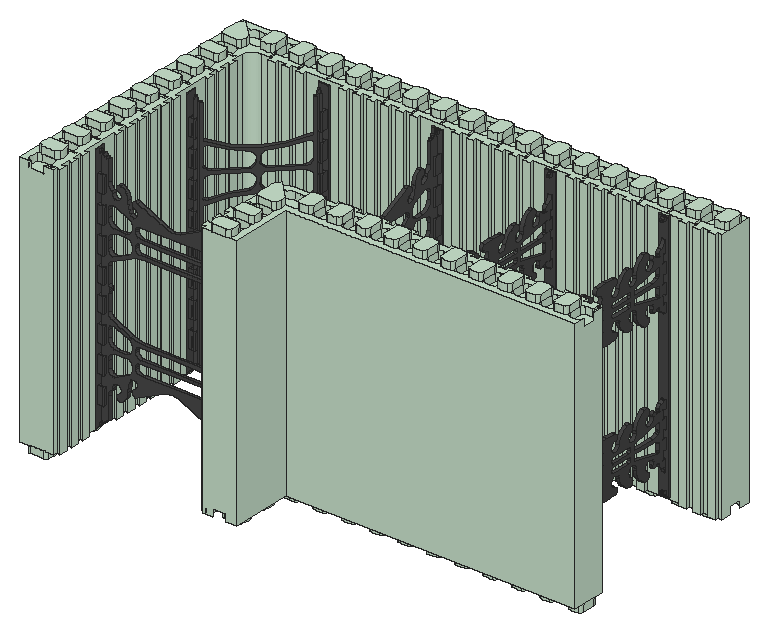
Revit family
Reference planes (in)
  plane 1 "Center (Front/Back)": y = 0
  plane 2: z = 0
  plane 3 "Center (Left/Right)": x = 0
  plane 4: y = -5
  plane 5: y = 5
  plane 6: x = 5
  plane 7: x = -5
  plane 8: x = 28
  plane 9: y = -12
  plane 10: z = 18
  plane 11: x = 7.625
  plane 12: x = -7.625
  plane 13: y = 7.625
Forms (in)
  Extrusion 1, solid, material "NUDURA Expanded Polystyrene Foam Insulation"
    sketch origin (0, 0, 0) x (1, 0, 0) y (0, 1, 0)
      loop
        line (-7.625, 7.625) -> (-7.625, -12) -> (-5.25, -12) -> (-5.25, -11.71883) -> (-5, -11.78117) -> (-5, -11.21883) -> (-5.25, -11.28117) -> (-5.25, -10.71883) -> (-5, -10.78117) -> (-5, -10.21883) -> (-5.25, -10.28117) -> (-5.25, -9.71883) -> (-5, -9.78117) -> (-5, -9.21883) -> (-5.25, -9.28117) -> (-5.25, -6.71883) -> (-5, -6.78117) -> (-5, -6.21883) -> (-5.25, -6.28117) -> (-5.25, -5.71883) -> (-5, -5.78117) -> (-5, -5.21883) -> (-5.25, -5.28117) -> (-5.25, -4.71883) -> (-5, -4.78117) -> (-5, -4.21883) -> (-5.25, -4.28117) -> (-5.25, -3.71883) -> (-5, -3.78117) -> (-5, -3.21883) -> (-5.25, -3.28117) -> (-5.25, -2.71883) -> (-5, -2.78117) -> (-5, -2.21883) -> (-5.25, -2.28117) -> (-5.25, -1.71883) -> (-5, -1.78117) -> (-5, -1.21883) -> (-5.25, -1.28117) -> (-5.25, 1.28117) -> (-5, 1.21883) -> (-5, 1.78117) -> (-5.25, 1.71883) -> (-5.25, 2.28117) -> (-5, 2.21883) -> (-5, 2.78117) -> (-5.25, 2.71883) -> (-5.25, 3.28117) -> (-5, 3.21883) -> (-5, 3.78117) -> (-5.25, 3.71883) -> (-5.25, 4.51944)
        arc (-5.25, 4.51944) -> (-5.02357, 5.03725) -> (-4.5, 5.25) r 0.75
        line (-4.5, 5.25) -> (-3.71883, 5.25) -> (-3.78117, 5) -> (-3.21883, 5) -> (-3.28117, 5.25) -> (-2.71883, 5.25) -> (-2.78117, 5) -> (-2.21883, 5) -> (-2.28117, 5.25) -> (-1.71883, 5.25) -> (-1.78117, 5) -> (-1.21883, 5) -> (-1.28117, 5.25) -> (1.28117, 5.25) -> (1.21883, 5) -> (1.78117, 5) -> (1.71883, 5.25) -> (2.28117, 5.25) -> (2.21883, 5) -> (2.78117, 5) -> (2.71883, 5.25) -> (3.28117, 5.25) -> (3.21883, 5) -> (3.78117, 5) -> (3.71883, 5.25) -> (4.28117, 5.25) -> (4.21883, 5) -> (4.78117, 5) -> (4.71883, 5.25) -> (5.28117, 5.25) -> (5.21883, 5) -> (5.78117, 5) -> (5.71883, 5.25) -> (6.28117, 5.25) -> (6.21883, 5) -> (6.78117, 5) -> (6.71883, 5.25) -> (9.28117, 5.25) -> (9.21883, 5) -> (9.78117, 5) -> (9.71883, 5.25) -> (10.28117, 5.25) -> (10.21883, 5) -> (10.78117, 5) -> (10.71883, 5.25) -> (11.28117, 5.25) -> (11.21883, 5) -> (11.78117, 5) -> (11.71883, 5.25) -> (12.28117, 5.25) -> (12.21883, 5) -> (12.78117, 5) -> (12.71883, 5.25) -> (13.28117, 5.25) -> (13.21883, 5) -> (13.78117, 5) -> (13.71883, 5.25) -> (14.28117, 5.25) -> (14.21883, 5) -> (14.78117, 5) -> (14.71883, 5.25) -> (17.28117, 5.25) -> (17.21883, 5) -> (17.78117, 5) -> (17.71883, 5.25) -> (18.28117, 5.25) -> (18.21883, 5) -> (18.78117, 5) -> (18.71883, 5.25) -> (19.28117, 5.25) -> (19.21883, 5) -> (19.78117, 5) -> (19.71883, 5.25) -> (20.28117, 5.25) -> (20.21883, 5) -> (20.78117, 5) -> (20.71883, 5.25) -> (21.28117, 5.25) -> (21.21883, 5) -> (21.78117, 5) -> (21.71883, 5.25) -> (22.28117, 5.25) -> (22.21883, 5) -> (22.78117, 5) -> (22.71883, 5.25) -> (25.28117, 5.25) -> (25.21883, 5) -> (25.78117, 5) -> (25.71883, 5.25) -> (26.28117, 5.25) -> (26.21883, 5) -> (26.78117, 5) -> (26.71883, 5.25) -> (27.28117, 5.25) -> (27.21883, 5) -> (27.78117, 5) -> (27.71883, 5.25) -> (28, 5.25) -> (28, 7.625) -> (-7.625, 7.625)
      loop
        line (7.625, -7.625) -> (28, -7.625) -> (28, -5.25) -> (27.71883, -5.25) -> (27.78117, -5) -> (27.21883, -5) -> (27.28117, -5.25) -> (26.71883, -5.25) -> (26.78117, -5) -> (26.21883, -5) -> (26.28117, -5.25) -> (25.71883, -5.25) -> (25.78117, -5) -> (25.21883, -5) -> (25.28117, -5.25) -> (22.71883, -5.25) -> (22.78117, -5) -> (22.21883, -5) -> (22.28117, -5.25) -> (21.71883, -5.25) -> (21.78117, -5) -> (21.21883, -5) -> (21.28117, -5.25) -> (20.71883, -5.25) -> (20.78117, -5) -> (20.21883, -5) -> (20.28117, -5.25) -> (19.71883, -5.25) -> (19.78117, -5) -> (19.21883, -5) -> (19.28117, -5.25) -> (18.71883, -5.25) -> (18.78117, -5) -> (18.21883, -5) -> (18.28117, -5.25) -> (17.71883, -5.25) -> (17.78117, -5) -> (17.21883, -5) -> (17.28117, -5.25) -> (14.71883, -5.25) -> (14.78117, -5) -> (14.21883, -5) -> (14.28117, -5.25) -> (13.71883, -5.25) -> (13.78117, -5) -> (13.21883, -5) -> (13.28117, -5.25) -> (12.71883, -5.25) -> (12.78117, -5) -> (12.21883, -5) -> (12.28117, -5.25) -> (11.71883, -5.25) -> (11.78117, -5) -> (11.21883, -5) -> (11.28117, -5.25) -> (10.71883, -5.25) -> (10.78117, -5) -> (10.21883, -5) -> (10.28117, -5.25) -> (9.71883, -5.25) -> (9.78117, -5) -> (9.21883, -5) -> (9.28117, -5.25) -> (6.5, -5.25)
        arc (6.5, -5.25) -> (5.61612, -5.61612) -> (5.25, -6.5) r 1.25
        line (5.25, -6.5) -> (5.25, -9.28117) -> (5, -9.21883) -> (5, -9.78117) -> (5.25, -9.71883) -> (5.25, -10.28117) -> (5, -10.21883) -> (5, -10.78117) -> (5.25, -10.71883) -> (5.25, -11.28117) -> (5, -11.21883) -> (5, -11.78117) -> (5.25, -11.71883) -> (5.25, -12) -> (7.625, -12) -> (7.625, -7.625)
    from 0 to 18
  Extrusion 2, solid, material "NUDURA Expanded Polystyrene Foam Insulation"
    sketch origin (2, -2, 0) x (1, 0, 0) y (0, 1, 0)
      loop
        arc (3.6875, -5.5) -> (3.70047, -5.66548) -> (3.73905, -5.82692) r 1.0625
        arc (3.73905, -5.82692) -> (3.82983, -5.95215) -> (3.97692, -6) r 0.25
        line (3.97692, -6) -> (4.89808, -6)
        arc (4.89808, -6) -> (5.04517, -5.95215) -> (5.13595, -5.82692) r 0.25
        arc (5.13595, -5.82692) -> (5.17453, -5.66548) -> (5.1875, -5.5) r 1.0625
        line (5.1875, -5.5) -> (5.1875, -5.1875) -> (3.98039, -3.98039)
        arc (3.98039, -3.98039) -> (3.76362, -4.30482) -> (3.6875, -4.6875) r 1
        line (3.6875, -4.6875) -> (3.6875, -5.5)
    from 18 to 18.5
  Extrusion 3, solid, material "NUDURA Expanded Polystyrene Foam Insulation"
    sketch origin (-2, 2, 0) x (1, 0, 0) y (0, 1, 0)
      loop
        arc (-3.97692, 3) -> (-3.82983, 3.04785) -> (-3.73905, 3.17308) r 0.25
        arc (-3.73905, 3.17308) -> (-3.70047, 3.33452) -> (-3.6875, 3.5) r 1.0625
        line (-3.6875, 3.5) -> (-3.6875, 3.6875) -> (-4.89461, 4.89461)
        arc (-4.89461, 4.89461) -> (-5.11138, 4.57018) -> (-5.1875, 4.1875) r 1
        line (-5.1875, 4.1875) -> (-5.1875, 3.5)
        arc (-5.1875, 3.5) -> (-5.17453, 3.33452) -> (-5.13595, 3.17308) r 1.0625
        arc (-5.13595, 3.17308) -> (-5.04517, 3.04785) -> (-4.89808, 3) r 0.25
        line (-4.89808, 3) -> (-3.97692, 3)
    from 18 to 18.5
  Extrusion 4, void
    sketch origin (-2, 2, 0) x (1, 0, 0) y (0, 1, 0)
      loop
        arc (-5.13595, -9.82692) -> (-5.04517, -9.95215) -> (-4.89808, -10) r 0.25
        line (-4.89808, -10) -> (-3.97692, -10)
        arc (-3.97692, -10) -> (-3.88568, -9.98276) -> (-3.80702, -9.9334) r 0.25
        arc (-3.80702, -9.9334) -> (-3.78736, -9.92106) -> (-3.76455, -9.91675) r 0.0625
        line (-3.76455, -9.91675) -> (-3.41845, -9.91675) -> (-3.41845, -9.74592) -> (-3.64005, -9.74592)
        arc (-3.64005, -9.74592) -> (-3.68771, -9.72385) -> (-3.70172, -9.67323) r 0.0625
        arc (-3.70172, -9.67323) -> (-3.69045, -9.42092) -> (-3.73905, -9.17308) r 1.0625
        arc (-3.73905, -9.17308) -> (-3.82983, -9.04785) -> (-3.97692, -9) r 0.25
        line (-3.97692, -9) -> (-4.89808, -9)
        arc (-4.89808, -9) -> (-5.04517, -9.04785) -> (-5.13595, -9.17308) r 0.25
        arc (-5.13595, -9.17308) -> (-5.1875, -9.5) -> (-5.13595, -9.82692) r 1.0625
    from 18 to 17.5
  Extrusion 5, void
    sketch origin (-2, 4, 0) x (1, 0, 0) y (0, 1, 0)
      loop
        arc (-5.13595, -9.82692) -> (-5.04517, -9.95215) -> (-4.89808, -10) r 0.25
        line (-4.89808, -10) -> (-3.97692, -10)
        arc (-3.97692, -10) -> (-3.88568, -9.98276) -> (-3.80702, -9.9334) r 0.25
        arc (-3.80702, -9.9334) -> (-3.78736, -9.92106) -> (-3.76455, -9.91675) r 0.0625
        line (-3.76455, -9.91675) -> (-3.41845, -9.91675) -> (-3.41845, -9.74592) -> (-3.64005, -9.74592)
        arc (-3.64005, -9.74592) -> (-3.68771, -9.72385) -> (-3.70172, -9.67323) r 0.0625
        arc (-3.70172, -9.67323) -> (-3.69045, -9.42092) -> (-3.73905, -9.17308) r 1.0625
        arc (-3.73905, -9.17308) -> (-3.82983, -9.04785) -> (-3.97692, -9) r 0.25
        line (-3.97692, -9) -> (-4.89808, -9)
        arc (-4.89808, -9) -> (-5.04517, -9.04785) -> (-5.13595, -9.17308) r 0.25
        arc (-5.13595, -9.17308) -> (-5.1875, -9.5) -> (-5.13595, -9.82692) r 1.0625
    from 18 to 17.5
  Extrusion 6, void
    sketch origin (-2, 6, 0) x (1, 0, 0) y (0, 1, 0)
      loop
        arc (-5.13595, -9.82692) -> (-5.04517, -9.95215) -> (-4.89808, -10) r 0.25
        line (-4.89808, -10) -> (-3.97692, -10)
        arc (-3.97692, -10) -> (-3.88568, -9.98276) -> (-3.80702, -9.9334) r 0.25
        arc (-3.80702, -9.9334) -> (-3.78736, -9.92106) -> (-3.76455, -9.91675) r 0.0625
        line (-3.76455, -9.91675) -> (-3.41845, -9.91675) -> (-3.41845, -9.74592) -> (-3.64005, -9.74592)
        arc (-3.64005, -9.74592) -> (-3.68771, -9.72385) -> (-3.70172, -9.67323) r 0.0625
        arc (-3.70172, -9.67323) -> (-3.69045, -9.42092) -> (-3.73905, -9.17308) r 1.0625
        arc (-3.73905, -9.17308) -> (-3.82983, -9.04785) -> (-3.97692, -9) r 0.25
        line (-3.97692, -9) -> (-4.89808, -9)
        arc (-4.89808, -9) -> (-5.04517, -9.04785) -> (-5.13595, -9.17308) r 0.25
        arc (-5.13595, -9.17308) -> (-5.1875, -9.5) -> (-5.13595, -9.82692) r 1.0625
    from 18 to 17.5
  Extrusion 7, void
    sketch origin (-2, 8, 0) x (1, 0, 0) y (0, 1, 0)
      loop
        arc (-5.13595, -9.82692) -> (-5.04517, -9.95215) -> (-4.89808, -10) r 0.25
        line (-4.89808, -10) -> (-3.97692, -10)
        arc (-3.97692, -10) -> (-3.88568, -9.98276) -> (-3.80702, -9.9334) r 0.25
        arc (-3.80702, -9.9334) -> (-3.78736, -9.92106) -> (-3.76455, -9.91675) r 0.0625
        line (-3.76455, -9.91675) -> (-3.41845, -9.91675) -> (-3.41845, -9.74592) -> (-3.64005, -9.74592)
        arc (-3.64005, -9.74592) -> (-3.68771, -9.72385) -> (-3.70172, -9.67323) r 0.0625
        arc (-3.70172, -9.67323) -> (-3.69045, -9.42092) -> (-3.73905, -9.17308) r 1.0625
        arc (-3.73905, -9.17308) -> (-3.82983, -9.04785) -> (-3.97692, -9) r 0.25
        line (-3.97692, -9) -> (-4.89808, -9)
        arc (-4.89808, -9) -> (-5.04517, -9.04785) -> (-5.13595, -9.17308) r 0.25
        arc (-5.13595, -9.17308) -> (-5.1875, -9.5) -> (-5.13595, -9.82692) r 1.0625
    from 18 to 17.5
  Extrusion 8, void
    sketch origin (-2, 10, 0) x (1, 0, 0) y (0, 1, 0)
      loop
        arc (-5.13595, -9.82692) -> (-5.04517, -9.95215) -> (-4.89808, -10) r 0.25
        line (-4.89808, -10) -> (-3.97692, -10)
        arc (-3.97692, -10) -> (-3.88568, -9.98276) -> (-3.80702, -9.9334) r 0.25
        arc (-3.80702, -9.9334) -> (-3.78736, -9.92106) -> (-3.76455, -9.91675) r 0.0625
        line (-3.76455, -9.91675) -> (-3.41845, -9.91675) -> (-3.41845, -9.74592) -> (-3.64005, -9.74592)
        arc (-3.64005, -9.74592) -> (-3.68771, -9.72385) -> (-3.70172, -9.67323) r 0.0625
        arc (-3.70172, -9.67323) -> (-3.69045, -9.42092) -> (-3.73905, -9.17308) r 1.0625
        arc (-3.73905, -9.17308) -> (-3.82983, -9.04785) -> (-3.97692, -9) r 0.25
        line (-3.97692, -9) -> (-4.89808, -9)
        arc (-4.89808, -9) -> (-5.04517, -9.04785) -> (-5.13595, -9.17308) r 0.25
        arc (-5.13595, -9.17308) -> (-5.1875, -9.5) -> (-5.13595, -9.82692) r 1.0625
    from 18 to 17.5
  Extrusion 9, void
    sketch origin (-2, 12, 0) x (1, 0, 0) y (0, 1, 0)
      loop
        arc (-5.13595, -9.82692) -> (-5.04517, -9.95215) -> (-4.89808, -10) r 0.25
        line (-4.89808, -10) -> (-3.97692, -10)
        arc (-3.97692, -10) -> (-3.88568, -9.98276) -> (-3.80702, -9.9334) r 0.25
        arc (-3.80702, -9.9334) -> (-3.78736, -9.92106) -> (-3.76455, -9.91675) r 0.0625
        line (-3.76455, -9.91675) -> (-3.41845, -9.91675) -> (-3.41845, -9.74592) -> (-3.64005, -9.74592)
        arc (-3.64005, -9.74592) -> (-3.68771, -9.72385) -> (-3.70172, -9.67323) r 0.0625
        arc (-3.70172, -9.67323) -> (-3.69045, -9.42092) -> (-3.73905, -9.17308) r 1.0625
        arc (-3.73905, -9.17308) -> (-3.82983, -9.04785) -> (-3.97692, -9) r 0.25
        line (-3.97692, -9) -> (-4.89808, -9)
        arc (-4.89808, -9) -> (-5.04517, -9.04785) -> (-5.13595, -9.17308) r 0.25
        arc (-5.13595, -9.17308) -> (-5.1875, -9.5) -> (-5.13595, -9.82692) r 1.0625
    from 18 to 17.5
  Extrusion 10, void
    sketch origin (-2, 14, 0) x (1, 0, 0) y (0, 1, 0)
      loop
        arc (-5.13595, -9.82692) -> (-5.04517, -9.95215) -> (-4.89808, -10) r 0.25
        line (-4.89808, -10) -> (-3.97692, -10)
        arc (-3.97692, -10) -> (-3.88568, -9.98276) -> (-3.80702, -9.9334) r 0.25
        arc (-3.80702, -9.9334) -> (-3.78736, -9.92106) -> (-3.76455, -9.91675) r 0.0625
        line (-3.76455, -9.91675) -> (-3.41845, -9.91675) -> (-3.41845, -9.74592) -> (-3.64005, -9.74592)
        arc (-3.64005, -9.74592) -> (-3.68771, -9.72385) -> (-3.70172, -9.67323) r 0.0625
        arc (-3.70172, -9.67323) -> (-3.69045, -9.42092) -> (-3.73905, -9.17308) r 1.0625
        arc (-3.73905, -9.17308) -> (-3.82983, -9.04785) -> (-3.97692, -9) r 0.25
        line (-3.97692, -9) -> (-4.89808, -9)
        arc (-4.89808, -9) -> (-5.04517, -9.04785) -> (-5.13595, -9.17308) r 0.25
        arc (-5.13595, -9.17308) -> (-5.1875, -9.5) -> (-5.13595, -9.82692) r 1.0625
    from 18 to 17.5
  Extrusion 11, void
    sketch origin (2, -2, 0) x (1, 0, 0) y (0, 1, 0)
      loop
        line (3.97692, -9) -> (4.89808, -9)
        arc (4.89808, -9) -> (5.04517, -8.95215) -> (5.13595, -8.82692) r 0.25
        arc (5.13595, -8.82692) -> (5.1875, -8.5) -> (5.13595, -8.17308) r 1.0625
        arc (5.13595, -8.17308) -> (5.04517, -8.04785) -> (4.89808, -8) r 0.25
        line (4.89808, -8) -> (3.97692, -8)
        arc (3.97692, -8) -> (3.88568, -8.01724) -> (3.80702, -8.0666) r 0.25
        arc (3.80702, -8.0666) -> (3.78736, -8.07894) -> (3.76455, -8.08325) r 0.0625
        line (3.76455, -8.08325) -> (3.41845, -8.08325) -> (3.41845, -8.25408) -> (3.64005, -8.25408)
        arc (3.64005, -8.25408) -> (3.68771, -8.27615) -> (3.70172, -8.32677) r 0.0625
        arc (3.70172, -8.32677) -> (3.69045, -8.57908) -> (3.73905, -8.82692) r 1.0625
        arc (3.73905, -8.82692) -> (3.82983, -8.95215) -> (3.97692, -9) r 0.25
    from 18 to 17.5
  Extrusion 12, void
    sketch origin (2, 0, 0) x (1, 0, 0) y (0, 1, 0)
      loop
        line (3.97692, -9) -> (4.89808, -9)
        arc (4.89808, -9) -> (5.04517, -8.95215) -> (5.13595, -8.82692) r 0.25
        arc (5.13595, -8.82692) -> (5.1875, -8.5) -> (5.13595, -8.17308) r 1.0625
        arc (5.13595, -8.17308) -> (5.04517, -8.04785) -> (4.89808, -8) r 0.25
        line (4.89808, -8) -> (3.97692, -8)
        arc (3.97692, -8) -> (3.88568, -8.01724) -> (3.80702, -8.0666) r 0.25
        arc (3.80702, -8.0666) -> (3.78736, -8.07894) -> (3.76455, -8.08325) r 0.0625
        line (3.76455, -8.08325) -> (3.41845, -8.08325) -> (3.41845, -8.25408) -> (3.64005, -8.25408)
        arc (3.64005, -8.25408) -> (3.68771, -8.27615) -> (3.70172, -8.32677) r 0.0625
        arc (3.70172, -8.32677) -> (3.69045, -8.57908) -> (3.73905, -8.82692) r 1.0625
        arc (3.73905, -8.82692) -> (3.82983, -8.95215) -> (3.97692, -9) r 0.25
    from 18 to 17.5
  Extrusion 13, void
    sketch origin (-2, 2, 0) x (1, 0, 0) y (0, 1, 0)
      loop
        arc (-4.1875, 5.1875) -> (-4.57018, 5.11138) -> (-4.89461, 4.89461) r 1
        line (-4.89461, 4.89461) -> (-3.6875, 3.6875) -> (-3.5, 3.6875)
        arc (-3.5, 3.6875) -> (-3.33452, 3.70047) -> (-3.17308, 3.73905) r 1.0625
        arc (-3.17308, 3.73905) -> (-3.04785, 3.82983) -> (-3, 3.97692) r 0.25
        line (-3, 3.97692) -> (-3, 4.89808)
        arc (-3, 4.89808) -> (-3.04785, 5.04517) -> (-3.17308, 5.13595) r 0.25
        arc (-3.17308, 5.13595) -> (-3.33452, 5.17453) -> (-3.5, 5.1875) r 1.0625
        line (-3.5, 5.1875) -> (-4.1875, 5.1875)
    from 18 to 17.5
  Extrusion 14, void
    sketch origin (2, -2, 0) x (1, 0, 0) y (0, 1, 0)
      loop
        arc (4.6875, -3.6875) -> (4.30482, -3.76362) -> (3.98039, -3.98039) r 1
        line (3.98039, -3.98039) -> (5.1875, -5.1875) -> (5.5, -5.1875)
        arc (5.5, -5.1875) -> (5.66548, -5.17453) -> (5.82692, -5.13595) r 1.0625
        arc (5.82692, -5.13595) -> (5.95215, -5.04517) -> (6, -4.89808) r 0.25
        line (6, -4.89808) -> (6, -3.97692)
        arc (6, -3.97692) -> (5.98276, -3.88568) -> (5.9334, -3.80702) r 0.25
        arc (5.9334, -3.80702) -> (5.92106, -3.78736) -> (5.91675, -3.76455) r 0.0625
        line (5.91675, -3.76455) -> (5.91675, -3.41845) -> (5.74592, -3.41845) -> (5.74592, -3.64005)
        arc (5.74592, -3.64005) -> (5.72385, -3.68771) -> (5.67323, -3.70172) r 0.0625
        arc (5.67323, -3.70172) -> (5.58691, -3.69106) -> (5.5, -3.6875) r 1.0625
        line (5.5, -3.6875) -> (4.6875, -3.6875)
    from 18 to 17.5
  Extrusion 15, void
    sketch origin (2, -2, 0) x (1, 0, 0) y (0, 1, 0)
      loop
        line (7, -3.97692) -> (7, -4.89808)
        arc (7, -4.89808) -> (7.04785, -5.04517) -> (7.17308, -5.13595) r 0.25
        arc (7.17308, -5.13595) -> (7.5, -5.1875) -> (7.82692, -5.13595) r 1.0625
        arc (7.82692, -5.13595) -> (7.95215, -5.04517) -> (8, -4.89808) r 0.25
        line (8, -4.89808) -> (8, -3.97692)
        arc (8, -3.97692) -> (7.98276, -3.88568) -> (7.9334, -3.80702) r 0.25
        arc (7.9334, -3.80702) -> (7.92106, -3.78736) -> (7.91675, -3.76455) r 0.0625
        line (7.91675, -3.76455) -> (7.91675, -3.41845) -> (7.74592, -3.41845) -> (7.74592, -3.64005)
        arc (7.74592, -3.64005) -> (7.72385, -3.68771) -> (7.67323, -3.70172) r 0.0625
        arc (7.67323, -3.70172) -> (7.42092, -3.69045) -> (7.17308, -3.73905) r 1.0625
        arc (7.17308, -3.73905) -> (7.04785, -3.82983) -> (7, -3.97692) r 0.25
    from 18 to 17.5
  Extrusion 16, void
    sketch origin (4, -2, 0) x (1, 0, 0) y (0, 1, 0)
      loop
        line (7, -3.97692) -> (7, -4.89808)
        arc (7, -4.89808) -> (7.04785, -5.04517) -> (7.17308, -5.13595) r 0.25
        arc (7.17308, -5.13595) -> (7.5, -5.1875) -> (7.82692, -5.13595) r 1.0625
        arc (7.82692, -5.13595) -> (7.95215, -5.04517) -> (8, -4.89808) r 0.25
        line (8, -4.89808) -> (8, -3.97692)
        arc (8, -3.97692) -> (7.98276, -3.88568) -> (7.9334, -3.80702) r 0.25
        arc (7.9334, -3.80702) -> (7.92106, -3.78736) -> (7.91675, -3.76455) r 0.0625
        line (7.91675, -3.76455) -> (7.91675, -3.41845) -> (7.74592, -3.41845) -> (7.74592, -3.64005)
        arc (7.74592, -3.64005) -> (7.72385, -3.68771) -> (7.67323, -3.70172) r 0.0625
        arc (7.67323, -3.70172) -> (7.42092, -3.69045) -> (7.17308, -3.73905) r 1.0625
        arc (7.17308, -3.73905) -> (7.04785, -3.82983) -> (7, -3.97692) r 0.25
    from 18 to 17.5
  Extrusion 17, void
    sketch origin (6, -2, 0) x (1, 0, 0) y (0, 1, 0)
      loop
        line (7, -3.97692) -> (7, -4.89808)
        arc (7, -4.89808) -> (7.04785, -5.04517) -> (7.17308, -5.13595) r 0.25
        arc (7.17308, -5.13595) -> (7.5, -5.1875) -> (7.82692, -5.13595) r 1.0625
        arc (7.82692, -5.13595) -> (7.95215, -5.04517) -> (8, -4.89808) r 0.25
        line (8, -4.89808) -> (8, -3.97692)
        arc (8, -3.97692) -> (7.98276, -3.88568) -> (7.9334, -3.80702) r 0.25
        arc (7.9334, -3.80702) -> (7.92106, -3.78736) -> (7.91675, -3.76455) r 0.0625
        line (7.91675, -3.76455) -> (7.91675, -3.41845) -> (7.74592, -3.41845) -> (7.74592, -3.64005)
        arc (7.74592, -3.64005) -> (7.72385, -3.68771) -> (7.67323, -3.70172) r 0.0625
        arc (7.67323, -3.70172) -> (7.42092, -3.69045) -> (7.17308, -3.73905) r 1.0625
        arc (7.17308, -3.73905) -> (7.04785, -3.82983) -> (7, -3.97692) r 0.25
    from 18 to 17.5
  Extrusion 18, void
    sketch origin (8, -2, 0) x (1, 0, 0) y (0, 1, 0)
      loop
        line (7, -3.97692) -> (7, -4.89808)
        arc (7, -4.89808) -> (7.04785, -5.04517) -> (7.17308, -5.13595) r 0.25
        arc (7.17308, -5.13595) -> (7.5, -5.1875) -> (7.82692, -5.13595) r 1.0625
        arc (7.82692, -5.13595) -> (7.95215, -5.04517) -> (8, -4.89808) r 0.25
        line (8, -4.89808) -> (8, -3.97692)
        arc (8, -3.97692) -> (7.98276, -3.88568) -> (7.9334, -3.80702) r 0.25
        arc (7.9334, -3.80702) -> (7.92106, -3.78736) -> (7.91675, -3.76455) r 0.0625
        line (7.91675, -3.76455) -> (7.91675, -3.41845) -> (7.74592, -3.41845) -> (7.74592, -3.64005)
        arc (7.74592, -3.64005) -> (7.72385, -3.68771) -> (7.67323, -3.70172) r 0.0625
        arc (7.67323, -3.70172) -> (7.42092, -3.69045) -> (7.17308, -3.73905) r 1.0625
        arc (7.17308, -3.73905) -> (7.04785, -3.82983) -> (7, -3.97692) r 0.25
    from 18 to 17.5
  Extrusion 19, void
    sketch origin (10, -2, 0) x (1, 0, 0) y (0, 1, 0)
      loop
        line (7, -3.97692) -> (7, -4.89808)
        arc (7, -4.89808) -> (7.04785, -5.04517) -> (7.17308, -5.13595) r 0.25
        arc (7.17308, -5.13595) -> (7.5, -5.1875) -> (7.82692, -5.13595) r 1.0625
        arc (7.82692, -5.13595) -> (7.95215, -5.04517) -> (8, -4.89808) r 0.25
        line (8, -4.89808) -> (8, -3.97692)
        arc (8, -3.97692) -> (7.98276, -3.88568) -> (7.9334, -3.80702) r 0.25
        arc (7.9334, -3.80702) -> (7.92106, -3.78736) -> (7.91675, -3.76455) r 0.0625
        line (7.91675, -3.76455) -> (7.91675, -3.41845) -> (7.74592, -3.41845) -> (7.74592, -3.64005)
        arc (7.74592, -3.64005) -> (7.72385, -3.68771) -> (7.67323, -3.70172) r 0.0625
        arc (7.67323, -3.70172) -> (7.42092, -3.69045) -> (7.17308, -3.73905) r 1.0625
        arc (7.17308, -3.73905) -> (7.04785, -3.82983) -> (7, -3.97692) r 0.25
    from 18 to 17.5
  Extrusion 20, void
    sketch origin (12, -2, 0) x (1, 0, 0) y (0, 1, 0)
      loop
        line (7, -3.97692) -> (7, -4.89808)
        arc (7, -4.89808) -> (7.04785, -5.04517) -> (7.17308, -5.13595) r 0.25
        arc (7.17308, -5.13595) -> (7.5, -5.1875) -> (7.82692, -5.13595) r 1.0625
        arc (7.82692, -5.13595) -> (7.95215, -5.04517) -> (8, -4.89808) r 0.25
        line (8, -4.89808) -> (8, -3.97692)
        arc (8, -3.97692) -> (7.98276, -3.88568) -> (7.9334, -3.80702) r 0.25
        arc (7.9334, -3.80702) -> (7.92106, -3.78736) -> (7.91675, -3.76455) r 0.0625
        line (7.91675, -3.76455) -> (7.91675, -3.41845) -> (7.74592, -3.41845) -> (7.74592, -3.64005)
        arc (7.74592, -3.64005) -> (7.72385, -3.68771) -> (7.67323, -3.70172) r 0.0625
        arc (7.67323, -3.70172) -> (7.42092, -3.69045) -> (7.17308, -3.73905) r 1.0625
        arc (7.17308, -3.73905) -> (7.04785, -3.82983) -> (7, -3.97692) r 0.25
    from 18 to 17.5
  Extrusion 21, void
    sketch origin (14, -2, 0) x (1, 0, 0) y (0, 1, 0)
      loop
        line (7, -3.97692) -> (7, -4.89808)
        arc (7, -4.89808) -> (7.04785, -5.04517) -> (7.17308, -5.13595) r 0.25
        arc (7.17308, -5.13595) -> (7.5, -5.1875) -> (7.82692, -5.13595) r 1.0625
        arc (7.82692, -5.13595) -> (7.95215, -5.04517) -> (8, -4.89808) r 0.25
        line (8, -4.89808) -> (8, -3.97692)
        arc (8, -3.97692) -> (7.98276, -3.88568) -> (7.9334, -3.80702) r 0.25
        arc (7.9334, -3.80702) -> (7.92106, -3.78736) -> (7.91675, -3.76455) r 0.0625
        line (7.91675, -3.76455) -> (7.91675, -3.41845) -> (7.74592, -3.41845) -> (7.74592, -3.64005)
        arc (7.74592, -3.64005) -> (7.72385, -3.68771) -> (7.67323, -3.70172) r 0.0625
        arc (7.67323, -3.70172) -> (7.42092, -3.69045) -> (7.17308, -3.73905) r 1.0625
        arc (7.17308, -3.73905) -> (7.04785, -3.82983) -> (7, -3.97692) r 0.25
    from 18 to 17.5
  Extrusion 22, void
    sketch origin (16, -2, 0) x (1, 0, 0) y (0, 1, 0)
      loop
        line (7, -3.97692) -> (7, -4.89808)
        arc (7, -4.89808) -> (7.04785, -5.04517) -> (7.17308, -5.13595) r 0.25
        arc (7.17308, -5.13595) -> (7.5, -5.1875) -> (7.82692, -5.13595) r 1.0625
        arc (7.82692, -5.13595) -> (7.95215, -5.04517) -> (8, -4.89808) r 0.25
        line (8, -4.89808) -> (8, -3.97692)
        arc (8, -3.97692) -> (7.98276, -3.88568) -> (7.9334, -3.80702) r 0.25
        arc (7.9334, -3.80702) -> (7.92106, -3.78736) -> (7.91675, -3.76455) r 0.0625
        line (7.91675, -3.76455) -> (7.91675, -3.41845) -> (7.74592, -3.41845) -> (7.74592, -3.64005)
        arc (7.74592, -3.64005) -> (7.72385, -3.68771) -> (7.67323, -3.70172) r 0.0625
        arc (7.67323, -3.70172) -> (7.42092, -3.69045) -> (7.17308, -3.73905) r 1.0625
        arc (7.17308, -3.73905) -> (7.04785, -3.82983) -> (7, -3.97692) r 0.25
    from 18 to 17.5
  Extrusion 23, void
    sketch origin (18, -2, 0) x (1, 0, 0) y (0, 1, 0)
      loop
        line (7, -3.97692) -> (7, -4.89808)
        arc (7, -4.89808) -> (7.04785, -5.04517) -> (7.17308, -5.13595) r 0.25
        arc (7.17308, -5.13595) -> (7.5, -5.1875) -> (7.82692, -5.13595) r 1.0625
        arc (7.82692, -5.13595) -> (7.95215, -5.04517) -> (8, -4.89808) r 0.25
        line (8, -4.89808) -> (8, -3.97692)
        arc (8, -3.97692) -> (7.98276, -3.88568) -> (7.9334, -3.80702) r 0.25
        arc (7.9334, -3.80702) -> (7.92106, -3.78736) -> (7.91675, -3.76455) r 0.0625
        line (7.91675, -3.76455) -> (7.91675, -3.41845) -> (7.74592, -3.41845) -> (7.74592, -3.64005)
        arc (7.74592, -3.64005) -> (7.72385, -3.68771) -> (7.67323, -3.70172) r 0.0625
        arc (7.67323, -3.70172) -> (7.42092, -3.69045) -> (7.17308, -3.73905) r 1.0625
        arc (7.17308, -3.73905) -> (7.04785, -3.82983) -> (7, -3.97692) r 0.25
    from 18 to 17.5
  Extrusion 24, void
    sketch origin (20, -2, 0) x (1, 0, 0) y (0, 1, 0)
      loop
        line (7, -3.97692) -> (7, -4.89808)
        arc (7, -4.89808) -> (7.04785, -5.04517) -> (7.17308, -5.13595) r 0.25
        arc (7.17308, -5.13595) -> (7.5, -5.1875) -> (7.82692, -5.13595) r 1.0625
        arc (7.82692, -5.13595) -> (7.95215, -5.04517) -> (8, -4.89808) r 0.25
        line (8, -4.89808) -> (8, -3.97692)
        arc (8, -3.97692) -> (7.98276, -3.88568) -> (7.9334, -3.80702) r 0.25
        arc (7.9334, -3.80702) -> (7.92106, -3.78736) -> (7.91675, -3.76455) r 0.0625
        line (7.91675, -3.76455) -> (7.91675, -3.41845) -> (7.74592, -3.41845) -> (7.74592, -3.64005)
        arc (7.74592, -3.64005) -> (7.72385, -3.68771) -> (7.67323, -3.70172) r 0.0625
        arc (7.67323, -3.70172) -> (7.42092, -3.69045) -> (7.17308, -3.73905) r 1.0625
        arc (7.17308, -3.73905) -> (7.04785, -3.82983) -> (7, -3.97692) r 0.25
    from 18 to 17.5
  Extrusion 25, void
    sketch origin (-2, 2, 0) x (1, 0, 0) y (0, 1, 0)
      loop
        arc (-1.82692, 5.13595) -> (-1.95215, 5.04517) -> (-2, 4.89808) r 0.25
        line (-2, 4.89808) -> (-2, 3.97692)
        arc (-2, 3.97692) -> (-1.98276, 3.88568) -> (-1.9334, 3.80702) r 0.25
        arc (-1.9334, 3.80702) -> (-1.92106, 3.78736) -> (-1.91675, 3.76455) r 0.0625
        line (-1.91675, 3.76455) -> (-1.91675, 3.41845) -> (-1.74592, 3.41845) -> (-1.74592, 3.64005)
        arc (-1.74592, 3.64005) -> (-1.72385, 3.68771) -> (-1.67323, 3.70172) r 0.0625
        arc (-1.67323, 3.70172) -> (-1.42092, 3.69045) -> (-1.17308, 3.73905) r 1.0625
        arc (-1.17308, 3.73905) -> (-1.04785, 3.82983) -> (-1, 3.97692) r 0.25
        line (-1, 3.97692) -> (-1, 4.89808)
        arc (-1, 4.89808) -> (-1.04785, 5.04517) -> (-1.17308, 5.13595) r 0.25
        arc (-1.17308, 5.13595) -> (-1.5, 5.1875) -> (-1.82692, 5.13595) r 1.0625
    from 18 to 17.5
  Extrusion 26, void
    sketch origin (0, 2, 0) x (1, 0, 0) y (0, 1, 0)
      loop
        arc (-1.82692, 5.13595) -> (-1.95215, 5.04517) -> (-2, 4.89808) r 0.25
        line (-2, 4.89808) -> (-2, 3.97692)
        arc (-2, 3.97692) -> (-1.98276, 3.88568) -> (-1.9334, 3.80702) r 0.25
        arc (-1.9334, 3.80702) -> (-1.92106, 3.78736) -> (-1.91675, 3.76455) r 0.0625
        line (-1.91675, 3.76455) -> (-1.91675, 3.41845) -> (-1.74592, 3.41845) -> (-1.74592, 3.64005)
        arc (-1.74592, 3.64005) -> (-1.72385, 3.68771) -> (-1.67323, 3.70172) r 0.0625
        arc (-1.67323, 3.70172) -> (-1.42092, 3.69045) -> (-1.17308, 3.73905) r 1.0625
        arc (-1.17308, 3.73905) -> (-1.04785, 3.82983) -> (-1, 3.97692) r 0.25
        line (-1, 3.97692) -> (-1, 4.89808)
        arc (-1, 4.89808) -> (-1.04785, 5.04517) -> (-1.17308, 5.13595) r 0.25
        arc (-1.17308, 5.13595) -> (-1.5, 5.1875) -> (-1.82692, 5.13595) r 1.0625
    from 18 to 17.5
  Extrusion 27, void
    sketch origin (2, 2, 0) x (1, 0, 0) y (0, 1, 0)
      loop
        arc (-1.82692, 5.13595) -> (-1.95215, 5.04517) -> (-2, 4.89808) r 0.25
        line (-2, 4.89808) -> (-2, 3.97692)
        arc (-2, 3.97692) -> (-1.98276, 3.88568) -> (-1.9334, 3.80702) r 0.25
        arc (-1.9334, 3.80702) -> (-1.92106, 3.78736) -> (-1.91675, 3.76455) r 0.0625
        line (-1.91675, 3.76455) -> (-1.91675, 3.41845) -> (-1.74592, 3.41845) -> (-1.74592, 3.64005)
        arc (-1.74592, 3.64005) -> (-1.72385, 3.68771) -> (-1.67323, 3.70172) r 0.0625
        arc (-1.67323, 3.70172) -> (-1.42092, 3.69045) -> (-1.17308, 3.73905) r 1.0625
        arc (-1.17308, 3.73905) -> (-1.04785, 3.82983) -> (-1, 3.97692) r 0.25
        line (-1, 3.97692) -> (-1, 4.89808)
        arc (-1, 4.89808) -> (-1.04785, 5.04517) -> (-1.17308, 5.13595) r 0.25
        arc (-1.17308, 5.13595) -> (-1.5, 5.1875) -> (-1.82692, 5.13595) r 1.0625
    from 18 to 17.5
  Extrusion 28, void
    sketch origin (4, 2, 0) x (1, 0, 0) y (0, 1, 0)
      loop
        arc (-1.82692, 5.13595) -> (-1.95215, 5.04517) -> (-2, 4.89808) r 0.25
        line (-2, 4.89808) -> (-2, 3.97692)
        arc (-2, 3.97692) -> (-1.98276, 3.88568) -> (-1.9334, 3.80702) r 0.25
        arc (-1.9334, 3.80702) -> (-1.92106, 3.78736) -> (-1.91675, 3.76455) r 0.0625
        line (-1.91675, 3.76455) -> (-1.91675, 3.41845) -> (-1.74592, 3.41845) -> (-1.74592, 3.64005)
        arc (-1.74592, 3.64005) -> (-1.72385, 3.68771) -> (-1.67323, 3.70172) r 0.0625
        arc (-1.67323, 3.70172) -> (-1.42092, 3.69045) -> (-1.17308, 3.73905) r 1.0625
        arc (-1.17308, 3.73905) -> (-1.04785, 3.82983) -> (-1, 3.97692) r 0.25
        line (-1, 3.97692) -> (-1, 4.89808)
        arc (-1, 4.89808) -> (-1.04785, 5.04517) -> (-1.17308, 5.13595) r 0.25
        arc (-1.17308, 5.13595) -> (-1.5, 5.1875) -> (-1.82692, 5.13595) r 1.0625
    from 18 to 17.5
  Extrusion 29, void
    sketch origin (6, 2, 0) x (1, 0, 0) y (0, 1, 0)
      loop
        arc (-1.82692, 5.13595) -> (-1.95215, 5.04517) -> (-2, 4.89808) r 0.25
        line (-2, 4.89808) -> (-2, 3.97692)
        arc (-2, 3.97692) -> (-1.98276, 3.88568) -> (-1.9334, 3.80702) r 0.25
        arc (-1.9334, 3.80702) -> (-1.92106, 3.78736) -> (-1.91675, 3.76455) r 0.0625
        line (-1.91675, 3.76455) -> (-1.91675, 3.41845) -> (-1.74592, 3.41845) -> (-1.74592, 3.64005)
        arc (-1.74592, 3.64005) -> (-1.72385, 3.68771) -> (-1.67323, 3.70172) r 0.0625
        arc (-1.67323, 3.70172) -> (-1.42092, 3.69045) -> (-1.17308, 3.73905) r 1.0625
        arc (-1.17308, 3.73905) -> (-1.04785, 3.82983) -> (-1, 3.97692) r 0.25
        line (-1, 3.97692) -> (-1, 4.89808)
        arc (-1, 4.89808) -> (-1.04785, 5.04517) -> (-1.17308, 5.13595) r 0.25
        arc (-1.17308, 5.13595) -> (-1.5, 5.1875) -> (-1.82692, 5.13595) r 1.0625
    from 18 to 17.5
  Extrusion 30, void
    sketch origin (8, 2, 0) x (1, 0, 0) y (0, 1, 0)
      loop
        arc (-1.82692, 5.13595) -> (-1.95215, 5.04517) -> (-2, 4.89808) r 0.25
        line (-2, 4.89808) -> (-2, 3.97692)
        arc (-2, 3.97692) -> (-1.98276, 3.88568) -> (-1.9334, 3.80702) r 0.25
        arc (-1.9334, 3.80702) -> (-1.92106, 3.78736) -> (-1.91675, 3.76455) r 0.0625
        line (-1.91675, 3.76455) -> (-1.91675, 3.41845) -> (-1.74592, 3.41845) -> (-1.74592, 3.64005)
        arc (-1.74592, 3.64005) -> (-1.72385, 3.68771) -> (-1.67323, 3.70172) r 0.0625
        arc (-1.67323, 3.70172) -> (-1.42092, 3.69045) -> (-1.17308, 3.73905) r 1.0625
        arc (-1.17308, 3.73905) -> (-1.04785, 3.82983) -> (-1, 3.97692) r 0.25
        line (-1, 3.97692) -> (-1, 4.89808)
        arc (-1, 4.89808) -> (-1.04785, 5.04517) -> (-1.17308, 5.13595) r 0.25
        arc (-1.17308, 5.13595) -> (-1.5, 5.1875) -> (-1.82692, 5.13595) r 1.0625
    from 18 to 17.5
  Extrusion 31, void
    sketch origin (10, 2, 0) x (1, 0, 0) y (0, 1, 0)
      loop
        arc (-1.82692, 5.13595) -> (-1.95215, 5.04517) -> (-2, 4.89808) r 0.25
        line (-2, 4.89808) -> (-2, 3.97692)
        arc (-2, 3.97692) -> (-1.98276, 3.88568) -> (-1.9334, 3.80702) r 0.25
        arc (-1.9334, 3.80702) -> (-1.92106, 3.78736) -> (-1.91675, 3.76455) r 0.0625
        line (-1.91675, 3.76455) -> (-1.91675, 3.41845) -> (-1.74592, 3.41845) -> (-1.74592, 3.64005)
        arc (-1.74592, 3.64005) -> (-1.72385, 3.68771) -> (-1.67323, 3.70172) r 0.0625
        arc (-1.67323, 3.70172) -> (-1.42092, 3.69045) -> (-1.17308, 3.73905) r 1.0625
        arc (-1.17308, 3.73905) -> (-1.04785, 3.82983) -> (-1, 3.97692) r 0.25
        line (-1, 3.97692) -> (-1, 4.89808)
        arc (-1, 4.89808) -> (-1.04785, 5.04517) -> (-1.17308, 5.13595) r 0.25
        arc (-1.17308, 5.13595) -> (-1.5, 5.1875) -> (-1.82692, 5.13595) r 1.0625
    from 18 to 17.5
  Extrusion 32, void
    sketch origin (12, 2, 0) x (1, 0, 0) y (0, 1, 0)
      loop
        arc (-1.82692, 5.13595) -> (-1.95215, 5.04517) -> (-2, 4.89808) r 0.25
        line (-2, 4.89808) -> (-2, 3.97692)
        arc (-2, 3.97692) -> (-1.98276, 3.88568) -> (-1.9334, 3.80702) r 0.25
        arc (-1.9334, 3.80702) -> (-1.92106, 3.78736) -> (-1.91675, 3.76455) r 0.0625
        line (-1.91675, 3.76455) -> (-1.91675, 3.41845) -> (-1.74592, 3.41845) -> (-1.74592, 3.64005)
        arc (-1.74592, 3.64005) -> (-1.72385, 3.68771) -> (-1.67323, 3.70172) r 0.0625
        arc (-1.67323, 3.70172) -> (-1.42092, 3.69045) -> (-1.17308, 3.73905) r 1.0625
        arc (-1.17308, 3.73905) -> (-1.04785, 3.82983) -> (-1, 3.97692) r 0.25
        line (-1, 3.97692) -> (-1, 4.89808)
        arc (-1, 4.89808) -> (-1.04785, 5.04517) -> (-1.17308, 5.13595) r 0.25
        arc (-1.17308, 5.13595) -> (-1.5, 5.1875) -> (-1.82692, 5.13595) r 1.0625
    from 18 to 17.5
  Extrusion 33, void
    sketch origin (14, 2, 0) x (1, 0, 0) y (0, 1, 0)
      loop
        arc (-1.82692, 5.13595) -> (-1.95215, 5.04517) -> (-2, 4.89808) r 0.25
        line (-2, 4.89808) -> (-2, 3.97692)
        arc (-2, 3.97692) -> (-1.98276, 3.88568) -> (-1.9334, 3.80702) r 0.25
        arc (-1.9334, 3.80702) -> (-1.92106, 3.78736) -> (-1.91675, 3.76455) r 0.0625
        line (-1.91675, 3.76455) -> (-1.91675, 3.41845) -> (-1.74592, 3.41845) -> (-1.74592, 3.64005)
        arc (-1.74592, 3.64005) -> (-1.72385, 3.68771) -> (-1.67323, 3.70172) r 0.0625
        arc (-1.67323, 3.70172) -> (-1.42092, 3.69045) -> (-1.17308, 3.73905) r 1.0625
        arc (-1.17308, 3.73905) -> (-1.04785, 3.82983) -> (-1, 3.97692) r 0.25
        line (-1, 3.97692) -> (-1, 4.89808)
        arc (-1, 4.89808) -> (-1.04785, 5.04517) -> (-1.17308, 5.13595) r 0.25
        arc (-1.17308, 5.13595) -> (-1.5, 5.1875) -> (-1.82692, 5.13595) r 1.0625
    from 18 to 17.5
  Extrusion 34, void
    sketch origin (16, 2, 0) x (1, 0, 0) y (0, 1, 0)
      loop
        arc (-1.82692, 5.13595) -> (-1.95215, 5.04517) -> (-2, 4.89808) r 0.25
        line (-2, 4.89808) -> (-2, 3.97692)
        arc (-2, 3.97692) -> (-1.98276, 3.88568) -> (-1.9334, 3.80702) r 0.25
        arc (-1.9334, 3.80702) -> (-1.92106, 3.78736) -> (-1.91675, 3.76455) r 0.0625
        line (-1.91675, 3.76455) -> (-1.91675, 3.41845) -> (-1.74592, 3.41845) -> (-1.74592, 3.64005)
        arc (-1.74592, 3.64005) -> (-1.72385, 3.68771) -> (-1.67323, 3.70172) r 0.0625
        arc (-1.67323, 3.70172) -> (-1.42092, 3.69045) -> (-1.17308, 3.73905) r 1.0625
        arc (-1.17308, 3.73905) -> (-1.04785, 3.82983) -> (-1, 3.97692) r 0.25
        line (-1, 3.97692) -> (-1, 4.89808)
        arc (-1, 4.89808) -> (-1.04785, 5.04517) -> (-1.17308, 5.13595) r 0.25
        arc (-1.17308, 5.13595) -> (-1.5, 5.1875) -> (-1.82692, 5.13595) r 1.0625
    from 18 to 17.5
  Extrusion 35, void
    sketch origin (18, 2, 0) x (1, 0, 0) y (0, 1, 0)
      loop
        arc (-1.82692, 5.13595) -> (-1.95215, 5.04517) -> (-2, 4.89808) r 0.25
        line (-2, 4.89808) -> (-2, 3.97692)
        arc (-2, 3.97692) -> (-1.98276, 3.88568) -> (-1.9334, 3.80702) r 0.25
        arc (-1.9334, 3.80702) -> (-1.92106, 3.78736) -> (-1.91675, 3.76455) r 0.0625
        line (-1.91675, 3.76455) -> (-1.91675, 3.41845) -> (-1.74592, 3.41845) -> (-1.74592, 3.64005)
        arc (-1.74592, 3.64005) -> (-1.72385, 3.68771) -> (-1.67323, 3.70172) r 0.0625
        arc (-1.67323, 3.70172) -> (-1.42092, 3.69045) -> (-1.17308, 3.73905) r 1.0625
        arc (-1.17308, 3.73905) -> (-1.04785, 3.82983) -> (-1, 3.97692) r 0.25
        line (-1, 3.97692) -> (-1, 4.89808)
        arc (-1, 4.89808) -> (-1.04785, 5.04517) -> (-1.17308, 5.13595) r 0.25
        arc (-1.17308, 5.13595) -> (-1.5, 5.1875) -> (-1.82692, 5.13595) r 1.0625
    from 18 to 17.5
  Extrusion 36, void
    sketch origin (20, 2, 0) x (1, 0, 0) y (0, 1, 0)
      loop
        arc (-1.82692, 5.13595) -> (-1.95215, 5.04517) -> (-2, 4.89808) r 0.25
        line (-2, 4.89808) -> (-2, 3.97692)
        arc (-2, 3.97692) -> (-1.98276, 3.88568) -> (-1.9334, 3.80702) r 0.25
        arc (-1.9334, 3.80702) -> (-1.92106, 3.78736) -> (-1.91675, 3.76455) r 0.0625
        line (-1.91675, 3.76455) -> (-1.91675, 3.41845) -> (-1.74592, 3.41845) -> (-1.74592, 3.64005)
        arc (-1.74592, 3.64005) -> (-1.72385, 3.68771) -> (-1.67323, 3.70172) r 0.0625
        arc (-1.67323, 3.70172) -> (-1.42092, 3.69045) -> (-1.17308, 3.73905) r 1.0625
        arc (-1.17308, 3.73905) -> (-1.04785, 3.82983) -> (-1, 3.97692) r 0.25
        line (-1, 3.97692) -> (-1, 4.89808)
        arc (-1, 4.89808) -> (-1.04785, 5.04517) -> (-1.17308, 5.13595) r 0.25
        arc (-1.17308, 5.13595) -> (-1.5, 5.1875) -> (-1.82692, 5.13595) r 1.0625
    from 18 to 17.5
  Extrusion 37, void
    sketch origin (22, 2, 0) x (1, 0, 0) y (0, 1, 0)
      loop
        arc (-1.82692, 5.13595) -> (-1.95215, 5.04517) -> (-2, 4.89808) r 0.25
        line (-2, 4.89808) -> (-2, 3.97692)
        arc (-2, 3.97692) -> (-1.98276, 3.88568) -> (-1.9334, 3.80702) r 0.25
        arc (-1.9334, 3.80702) -> (-1.92106, 3.78736) -> (-1.91675, 3.76455) r 0.0625
        line (-1.91675, 3.76455) -> (-1.91675, 3.41845) -> (-1.74592, 3.41845) -> (-1.74592, 3.64005)
        arc (-1.74592, 3.64005) -> (-1.72385, 3.68771) -> (-1.67323, 3.70172) r 0.0625
        arc (-1.67323, 3.70172) -> (-1.42092, 3.69045) -> (-1.17308, 3.73905) r 1.0625
        arc (-1.17308, 3.73905) -> (-1.04785, 3.82983) -> (-1, 3.97692) r 0.25
        line (-1, 3.97692) -> (-1, 4.89808)
        arc (-1, 4.89808) -> (-1.04785, 5.04517) -> (-1.17308, 5.13595) r 0.25
        arc (-1.17308, 5.13595) -> (-1.5, 5.1875) -> (-1.82692, 5.13595) r 1.0625
    from 18 to 17.5
  Extrusion 38, void
    sketch origin (24, 2, 0) x (1, 0, 0) y (0, 1, 0)
      loop
        arc (-1.82692, 5.13595) -> (-1.95215, 5.04517) -> (-2, 4.89808) r 0.25
        line (-2, 4.89808) -> (-2, 3.97692)
        arc (-2, 3.97692) -> (-1.98276, 3.88568) -> (-1.9334, 3.80702) r 0.25
        arc (-1.9334, 3.80702) -> (-1.92106, 3.78736) -> (-1.91675, 3.76455) r 0.0625
        line (-1.91675, 3.76455) -> (-1.91675, 3.41845) -> (-1.74592, 3.41845) -> (-1.74592, 3.64005)
        arc (-1.74592, 3.64005) -> (-1.72385, 3.68771) -> (-1.67323, 3.70172) r 0.0625
        arc (-1.67323, 3.70172) -> (-1.42092, 3.69045) -> (-1.17308, 3.73905) r 1.0625
        arc (-1.17308, 3.73905) -> (-1.04785, 3.82983) -> (-1, 3.97692) r 0.25
        line (-1, 3.97692) -> (-1, 4.89808)
        arc (-1, 4.89808) -> (-1.04785, 5.04517) -> (-1.17308, 5.13595) r 0.25
        arc (-1.17308, 5.13595) -> (-1.5, 5.1875) -> (-1.82692, 5.13595) r 1.0625
    from 18 to 17.5
  Extrusion 39, void
    sketch origin (-2, 5.40791, 0) x (1, 0, 0) y (0, 1, 0)
      loop
        arc (-5.13595, -11.58099) -> (-5.1875, -11.90791) -> (-5.13595, -12.23483) r 1.0625
        arc (-5.13595, -12.23483) -> (-5.04517, -12.36006) -> (-4.89808, -12.40791) r 0.25
        line (-4.89808, -12.40791) -> (-3.97692, -12.40791)
        arc (-3.97692, -12.40791) -> (-3.82983, -12.36006) -> (-3.73905, -12.23483) r 0.25
        arc (-3.73905, -12.23483) -> (-3.69045, -11.98699) -> (-3.70172, -11.73468) r 1.0625
        arc (-3.70172, -11.73468) -> (-3.68771, -11.68406) -> (-3.64005, -11.66199) r 0.0625
        line (-3.64005, -11.66199) -> (-3.41845, -11.66199) -> (-3.41845, -11.49116) -> (-3.76455, -11.49116)
        arc (-3.76455, -11.49116) -> (-3.78736, -11.48685) -> (-3.80702, -11.47451) r 0.0625
        arc (-3.80702, -11.47451) -> (-3.88568, -11.42516) -> (-3.97692, -11.40791) r 0.25
        line (-3.97692, -11.40791) -> (-4.89808, -11.40791)
        arc (-4.89808, -11.40791) -> (-5.04517, -11.45576) -> (-5.13595, -11.58099) r 0.25
    from 0 to 0.5
  Extrusion 40, void
    sketch origin (-2, 7.40791, 0) x (1, 0, 0) y (0, 1, 0)
      loop
        arc (-5.13595, -11.58099) -> (-5.1875, -11.90791) -> (-5.13595, -12.23483) r 1.0625
        arc (-5.13595, -12.23483) -> (-5.04517, -12.36006) -> (-4.89808, -12.40791) r 0.25
        line (-4.89808, -12.40791) -> (-3.97692, -12.40791)
        arc (-3.97692, -12.40791) -> (-3.82983, -12.36006) -> (-3.73905, -12.23483) r 0.25
        arc (-3.73905, -12.23483) -> (-3.69045, -11.98699) -> (-3.70172, -11.73468) r 1.0625
        arc (-3.70172, -11.73468) -> (-3.68771, -11.68406) -> (-3.64005, -11.66199) r 0.0625
        line (-3.64005, -11.66199) -> (-3.41845, -11.66199) -> (-3.41845, -11.49116) -> (-3.76455, -11.49116)
        arc (-3.76455, -11.49116) -> (-3.78736, -11.48685) -> (-3.80702, -11.47451) r 0.0625
        arc (-3.80702, -11.47451) -> (-3.88568, -11.42516) -> (-3.97692, -11.40791) r 0.25
        line (-3.97692, -11.40791) -> (-4.89808, -11.40791)
        arc (-4.89808, -11.40791) -> (-5.04517, -11.45576) -> (-5.13595, -11.58099) r 0.25
    from 0 to 0.5
  Extrusion 41, void
    sketch origin (-2, 9.40791, 0) x (1, 0, 0) y (0, 1, 0)
      loop
        arc (-5.13595, -11.58099) -> (-5.1875, -11.90791) -> (-5.13595, -12.23483) r 1.0625
        arc (-5.13595, -12.23483) -> (-5.04517, -12.36006) -> (-4.89808, -12.40791) r 0.25
        line (-4.89808, -12.40791) -> (-3.97692, -12.40791)
        arc (-3.97692, -12.40791) -> (-3.82983, -12.36006) -> (-3.73905, -12.23483) r 0.25
        arc (-3.73905, -12.23483) -> (-3.69045, -11.98699) -> (-3.70172, -11.73468) r 1.0625
        arc (-3.70172, -11.73468) -> (-3.68771, -11.68406) -> (-3.64005, -11.66199) r 0.0625
        line (-3.64005, -11.66199) -> (-3.41845, -11.66199) -> (-3.41845, -11.49116) -> (-3.76455, -11.49116)
        arc (-3.76455, -11.49116) -> (-3.78736, -11.48685) -> (-3.80702, -11.47451) r 0.0625
        arc (-3.80702, -11.47451) -> (-3.88568, -11.42516) -> (-3.97692, -11.40791) r 0.25
        line (-3.97692, -11.40791) -> (-4.89808, -11.40791)
        arc (-4.89808, -11.40791) -> (-5.04517, -11.45576) -> (-5.13595, -11.58099) r 0.25
    from 0 to 0.5
  Extrusion 42, void
    sketch origin (-2, 11.40791, 0) x (1, 0, 0) y (0, 1, 0)
      loop
        arc (-5.13595, -11.58099) -> (-5.1875, -11.90791) -> (-5.13595, -12.23483) r 1.0625
        arc (-5.13595, -12.23483) -> (-5.04517, -12.36006) -> (-4.89808, -12.40791) r 0.25
        line (-4.89808, -12.40791) -> (-3.97692, -12.40791)
        arc (-3.97692, -12.40791) -> (-3.82983, -12.36006) -> (-3.73905, -12.23483) r 0.25
        arc (-3.73905, -12.23483) -> (-3.69045, -11.98699) -> (-3.70172, -11.73468) r 1.0625
        arc (-3.70172, -11.73468) -> (-3.68771, -11.68406) -> (-3.64005, -11.66199) r 0.0625
        line (-3.64005, -11.66199) -> (-3.41845, -11.66199) -> (-3.41845, -11.49116) -> (-3.76455, -11.49116)
        arc (-3.76455, -11.49116) -> (-3.78736, -11.48685) -> (-3.80702, -11.47451) r 0.0625
        arc (-3.80702, -11.47451) -> (-3.88568, -11.42516) -> (-3.97692, -11.40791) r 0.25
        line (-3.97692, -11.40791) -> (-4.89808, -11.40791)
        arc (-4.89808, -11.40791) -> (-5.04517, -11.45576) -> (-5.13595, -11.58099) r 0.25
    from 0 to 0.5
  Extrusion 43, void
    sketch origin (-2, 13.40791, 0) x (1, 0, 0) y (0, 1, 0)
      loop
        arc (-5.13595, -11.58099) -> (-5.1875, -11.90791) -> (-5.13595, -12.23483) r 1.0625
        arc (-5.13595, -12.23483) -> (-5.04517, -12.36006) -> (-4.89808, -12.40791) r 0.25
        line (-4.89808, -12.40791) -> (-3.97692, -12.40791)
        arc (-3.97692, -12.40791) -> (-3.82983, -12.36006) -> (-3.73905, -12.23483) r 0.25
        arc (-3.73905, -12.23483) -> (-3.69045, -11.98699) -> (-3.70172, -11.73468) r 1.0625
        arc (-3.70172, -11.73468) -> (-3.68771, -11.68406) -> (-3.64005, -11.66199) r 0.0625
        line (-3.64005, -11.66199) -> (-3.41845, -11.66199) -> (-3.41845, -11.49116) -> (-3.76455, -11.49116)
        arc (-3.76455, -11.49116) -> (-3.78736, -11.48685) -> (-3.80702, -11.47451) r 0.0625
        arc (-3.80702, -11.47451) -> (-3.88568, -11.42516) -> (-3.97692, -11.40791) r 0.25
        line (-3.97692, -11.40791) -> (-4.89808, -11.40791)
        arc (-4.89808, -11.40791) -> (-5.04517, -11.45576) -> (-5.13595, -11.58099) r 0.25
    from 0 to 0.5
  Extrusion 44, void
    sketch origin (-2, 15.40791, 0) x (1, 0, 0) y (0, 1, 0)
      loop
        arc (-5.13595, -11.58099) -> (-5.1875, -11.90791) -> (-5.13595, -12.23483) r 1.0625
        arc (-5.13595, -12.23483) -> (-5.04517, -12.36006) -> (-4.89808, -12.40791) r 0.25
        line (-4.89808, -12.40791) -> (-3.97692, -12.40791)
        arc (-3.97692, -12.40791) -> (-3.82983, -12.36006) -> (-3.73905, -12.23483) r 0.25
        arc (-3.73905, -12.23483) -> (-3.69045, -11.98699) -> (-3.70172, -11.73468) r 1.0625
        arc (-3.70172, -11.73468) -> (-3.68771, -11.68406) -> (-3.64005, -11.66199) r 0.0625
        line (-3.64005, -11.66199) -> (-3.41845, -11.66199) -> (-3.41845, -11.49116) -> (-3.76455, -11.49116)
        arc (-3.76455, -11.49116) -> (-3.78736, -11.48685) -> (-3.80702, -11.47451) r 0.0625
        arc (-3.80702, -11.47451) -> (-3.88568, -11.42516) -> (-3.97692, -11.40791) r 0.25
        line (-3.97692, -11.40791) -> (-4.89808, -11.40791)
        arc (-4.89808, -11.40791) -> (-5.04517, -11.45576) -> (-5.13595, -11.58099) r 0.25
    from 0 to 0.5
  Extrusion 45, void
    sketch origin (-6, 2, 0) x (-1, 0, 0) y (0, -1, 0)
      loop
        arc (-1.82692, -5.13595) -> (-1.5, -5.1875) -> (-1.17308, -5.13595) r 1.0625
        arc (-1.17308, -5.13595) -> (-1.04785, -5.04517) -> (-1, -4.89808) r 0.25
        line (-1, -4.89808) -> (-1, -3.97692)
        arc (-1, -3.97692) -> (-1.04785, -3.82983) -> (-1.17308, -3.73905) r 0.25
        arc (-1.17308, -3.73905) -> (-1.42092, -3.69045) -> (-1.67323, -3.70172) r 1.0625
        arc (-1.67323, -3.70172) -> (-1.72385, -3.68771) -> (-1.74592, -3.64005) r 0.0625
        line (-1.74592, -3.64005) -> (-1.74592, -3.41845) -> (-1.91675, -3.41845) -> (-1.91675, -3.76455)
        arc (-1.91675, -3.76455) -> (-1.92106, -3.78736) -> (-1.9334, -3.80702) r 0.0625
        arc (-1.9334, -3.80702) -> (-1.98276, -3.88568) -> (-2, -3.97692) r 0.25
        line (-2, -3.97692) -> (-2, -4.89808)
        arc (-2, -4.89808) -> (-1.95215, -5.04517) -> (-1.82692, -5.13595) r 0.25
    from 0 to 0.5
  Extrusion 46, void
    sketch origin (-4, 2, 0) x (-1, 0, 0) y (0, -1, 0)
      loop
        arc (-1.82692, -5.13595) -> (-1.5, -5.1875) -> (-1.17308, -5.13595) r 1.0625
        arc (-1.17308, -5.13595) -> (-1.04785, -5.04517) -> (-1, -4.89808) r 0.25
        line (-1, -4.89808) -> (-1, -3.97692)
        arc (-1, -3.97692) -> (-1.04785, -3.82983) -> (-1.17308, -3.73905) r 0.25
        arc (-1.17308, -3.73905) -> (-1.42092, -3.69045) -> (-1.67323, -3.70172) r 1.0625
        arc (-1.67323, -3.70172) -> (-1.72385, -3.68771) -> (-1.74592, -3.64005) r 0.0625
        line (-1.74592, -3.64005) -> (-1.74592, -3.41845) -> (-1.91675, -3.41845) -> (-1.91675, -3.76455)
        arc (-1.91675, -3.76455) -> (-1.92106, -3.78736) -> (-1.9334, -3.80702) r 0.0625
        arc (-1.9334, -3.80702) -> (-1.98276, -3.88568) -> (-2, -3.97692) r 0.25
        line (-2, -3.97692) -> (-2, -4.89808)
        arc (-2, -4.89808) -> (-1.95215, -5.04517) -> (-1.82692, -5.13595) r 0.25
    from 0 to 0.5
  Extrusion 47, void
    sketch origin (-2, 2, 0) x (-1, 0, 0) y (0, -1, 0)
      loop
        arc (-1.82692, -5.13595) -> (-1.5, -5.1875) -> (-1.17308, -5.13595) r 1.0625
        arc (-1.17308, -5.13595) -> (-1.04785, -5.04517) -> (-1, -4.89808) r 0.25
        line (-1, -4.89808) -> (-1, -3.97692)
        arc (-1, -3.97692) -> (-1.04785, -3.82983) -> (-1.17308, -3.73905) r 0.25
        arc (-1.17308, -3.73905) -> (-1.42092, -3.69045) -> (-1.67323, -3.70172) r 1.0625
        arc (-1.67323, -3.70172) -> (-1.72385, -3.68771) -> (-1.74592, -3.64005) r 0.0625
        line (-1.74592, -3.64005) -> (-1.74592, -3.41845) -> (-1.91675, -3.41845) -> (-1.91675, -3.76455)
        arc (-1.91675, -3.76455) -> (-1.92106, -3.78736) -> (-1.9334, -3.80702) r 0.0625
        arc (-1.9334, -3.80702) -> (-1.98276, -3.88568) -> (-2, -3.97692) r 0.25
        line (-2, -3.97692) -> (-2, -4.89808)
        arc (-2, -4.89808) -> (-1.95215, -5.04517) -> (-1.82692, -5.13595) r 0.25
    from 0 to 0.5
  Extrusion 48, void
    sketch origin (0, 2, 0) x (-1, 0, 0) y (0, -1, 0)
      loop
        arc (-1.82692, -5.13595) -> (-1.5, -5.1875) -> (-1.17308, -5.13595) r 1.0625
        arc (-1.17308, -5.13595) -> (-1.04785, -5.04517) -> (-1, -4.89808) r 0.25
        line (-1, -4.89808) -> (-1, -3.97692)
        arc (-1, -3.97692) -> (-1.04785, -3.82983) -> (-1.17308, -3.73905) r 0.25
        arc (-1.17308, -3.73905) -> (-1.42092, -3.69045) -> (-1.67323, -3.70172) r 1.0625
        arc (-1.67323, -3.70172) -> (-1.72385, -3.68771) -> (-1.74592, -3.64005) r 0.0625
        line (-1.74592, -3.64005) -> (-1.74592, -3.41845) -> (-1.91675, -3.41845) -> (-1.91675, -3.76455)
        arc (-1.91675, -3.76455) -> (-1.92106, -3.78736) -> (-1.9334, -3.80702) r 0.0625
        arc (-1.9334, -3.80702) -> (-1.98276, -3.88568) -> (-2, -3.97692) r 0.25
        line (-2, -3.97692) -> (-2, -4.89808)
        arc (-2, -4.89808) -> (-1.95215, -5.04517) -> (-1.82692, -5.13595) r 0.25
    from 0 to 0.5
  Extrusion 49, void
    sketch origin (2, 2, 0) x (-1, 0, 0) y (0, -1, 0)
      loop
        arc (-1.82692, -5.13595) -> (-1.5, -5.1875) -> (-1.17308, -5.13595) r 1.0625
        arc (-1.17308, -5.13595) -> (-1.04785, -5.04517) -> (-1, -4.89808) r 0.25
        line (-1, -4.89808) -> (-1, -3.97692)
        arc (-1, -3.97692) -> (-1.04785, -3.82983) -> (-1.17308, -3.73905) r 0.25
        arc (-1.17308, -3.73905) -> (-1.42092, -3.69045) -> (-1.67323, -3.70172) r 1.0625
        arc (-1.67323, -3.70172) -> (-1.72385, -3.68771) -> (-1.74592, -3.64005) r 0.0625
        line (-1.74592, -3.64005) -> (-1.74592, -3.41845) -> (-1.91675, -3.41845) -> (-1.91675, -3.76455)
        arc (-1.91675, -3.76455) -> (-1.92106, -3.78736) -> (-1.9334, -3.80702) r 0.0625
        arc (-1.9334, -3.80702) -> (-1.98276, -3.88568) -> (-2, -3.97692) r 0.25
        line (-2, -3.97692) -> (-2, -4.89808)
        arc (-2, -4.89808) -> (-1.95215, -5.04517) -> (-1.82692, -5.13595) r 0.25
    from 0 to 0.5
  Extrusion 50, void
    sketch origin (4, 2, 0) x (-1, 0, 0) y (0, -1, 0)
      loop
        arc (-1.82692, -5.13595) -> (-1.5, -5.1875) -> (-1.17308, -5.13595) r 1.0625
        arc (-1.17308, -5.13595) -> (-1.04785, -5.04517) -> (-1, -4.89808) r 0.25
        line (-1, -4.89808) -> (-1, -3.97692)
